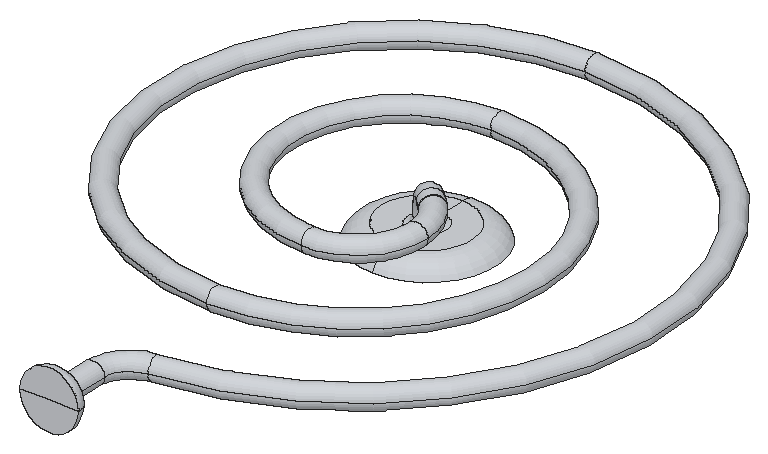
Revit family "PFX_A3-M-Shower-Wall-based", category Plumbing Fixtures, host Wall, Revit 2016
Family settings
  Host = Wall
  Part Type = Normal
  Round Connector Dimension = Use Diameter
  Always vertical = Yes
  Cut with Voids When Loaded = No
  Shared = No
  Room Calculation Point = No
Parameters (values of type "Shower Wall Based 900 x 780mm")
  Material = none
  Manufacturer = "Revit"
  Assembly Code = "D2010710"
Reference planes
  plane 1: y = 0
  plane 2 "Center (Left/Right)": x = 125
  plane 3 "Back": y = 75
Text (mm)
  text "Placement side" at (-1787.139, 592.35, 0), in view "Ref. Level"
  text "Placement side" at (0, 1827.695, 2917.686), in view "Left"
  text "Placement side" at (0, 562.268, 3853.606), in view "Right"
Dimensions and locks
  locked: plane 3 "Back" to host wall at 0
  aligned and locked: host wall to plane 1
  aligned and locked: nested 1 to plane 2 "Center (Left/Right)"
  aligned and locked: nested 1 to plane 3 "Back"
Nested families
  nested 1: "Shower" at (125, 596.619, 2200) x (0, -1, 0) z (0, 0, 1), type "Shower"
Definition of nested family "Shower"
  Parameters
    Material = none
    Manufacturer = "Revit"
    Description = "Shower"
    Assembly Code = "D2010710"
  Reference planes
    plane 1 "Center (Front/Back)": y = 0
    plane 2: z = 0
    plane 3 "Center (Left/Right)": x = 0
    plane 4: y = 80
    plane 5 "2": through (-56.569, 56.569, 0) normal (-0.7071, 0.7071, 0)
    plane 6: through (0, 0, 0) normal (0.7071, 0.7071, 0)
    plane 7: through (-38.34, -38.34, 0) normal (-0.7071, -0.7071, 0)
    plane 8: y = 18.229
    plane 9: x = 573.506
  Forms (mm)
    Sweep 1, solid, material <- "Material"
      path origin (0, 0, 0) x (1, 0, 0) y (0, 1, 0)
        loop
          line (497.214, 0) -> (447.214, 0)
          arc (447.214, 0) -> (413.88, 12.732) -> (397.523, 44.444) r 50
          arc (397.523, 44.444) -> (-22.257, 399.38) -> (-400, 0) r 400
          arc (-400, 0) -> (-80, -320) -> (240, 0) r 320
          arc (240, 0) -> (0, 240) -> (-240, 0) r 240
          arc (-240, 0) -> (-80, -160) -> (80, 0) r 160
          arc (80, 0) -> (56.569, 56.569) -> (0, 80) r 80
          arc (0, 80) -> (-30.615, 73.91) -> (-56.569, 56.569) r 80
      profile origin (0, 0, 0) x (-0.993808, -0.111111, 0) y (0, 0, 1)
        loop
          circle (-400, 0) r 15
    Sweep 2, solid, material <- "Material"
      path origin (-56.569, 56.569, 0) x (-0.707107, -0.707107, 0) y (0, 0, 1)
        loop
          line (0, 0) -> (15, 0)
          arc (15, 0) -> (42.733, -11.488) -> (54.221, -39.221) r 39.221
      profile origin (-5.303, -5.303, 0) x (0, 0, 1) y (-0.707107, 0.707107, 0)
        loop
          circle (0, 80) r 15
    Revolve 3, solid, material <- "Material"
      sketch origin (0, 18.229, 0) x (1, 0, 0) y (0, 0, 1)
        loop
          line (-94.908, -39.221) -> (-109.931, -39.221)
          arc (-109.931, -39.221) -> (-113.266, -46.266) -> (-120.515, -49.129) r 10.607
          line (-120.515, -49.129) -> (-155.503, -49.129)
          arc (-155.503, -49.129) -> (-174.485, -54.759) -> (-187.33, -69.827) r 34.819
          line (-187.33, -69.827) -> (-94.908, -69.827) -> (-94.908, -39.221)
        axis (-94.908, -39.221) -> (-94.908, -69.827)
      angle from 0 to 360
    Revolve 4, solid, material <- "Material"
      sketch origin (0, 0, 0) x (1, 0, 0) y (0, 1, 0)
        loop
          line (497.214, 0) -> (521.619, 0) -> (521.619, 39.406)
          arc (521.619, 39.406) -> (504.362, 32.258) -> (497.214, 15) r 24.406
          line (497.214, 15) -> (497.214, 0)
        axis (497.214, 0) -> (521.619, 0)
      angle from 0 to 360
  Dimensions and locks
    aligned and locked: Sweep 2 sketch curve to Sweep 1  (x2)
